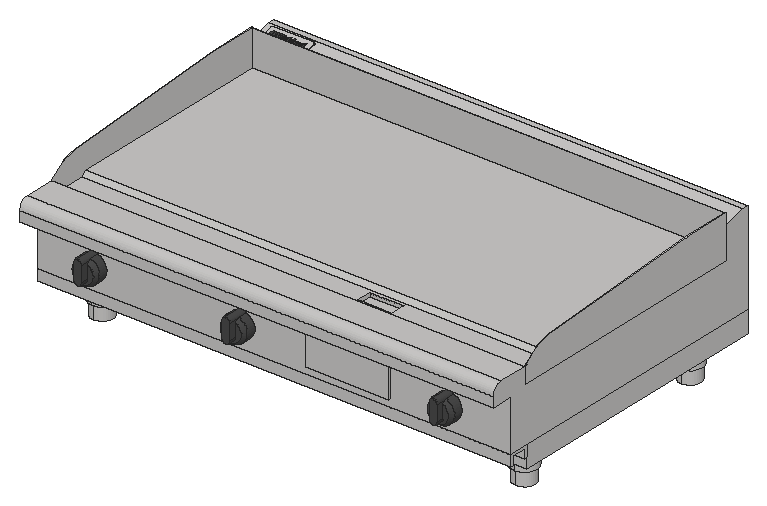
Revit family "QF_MOFFAT WALDORF_GPL8120E-B", category Specialty Equipment, Revit 2012
Parameters
  Width [instance] = 1200.0 mm  # constant formula
  Weight in Pounds = 295.4191  # constant formula
  Watts = 16200 W
  Volts = 415 V
  URL Cutsheet = "www.moffat.com"
  URL = "www.moffat.com"
  Type Mark [instance] = ""
  Status [instance] = ""
  Specification by User [instance] = ""
  Specification by Manufacturer = ""
  Show Logo [instance] = yes
  Serial Number = ""
  Seismic Rating = ""
  SMACNA No = ""
  Revision Code [instance] = ""
  Phase = 3
  Omniclass Number and Title = ""
  Number of Poles = 1
  NAFEM Spec ID Number = ""
  Model = "GPL8120E-B"
  Min Ckt Ampacity = 0 A
  Max Overcurrent Protection = 0 A
  Masterspec = ""
  Manufacturer = "MOFFAT WALDORF"
  Item Number [instance] = ""
  Installed By [instance] = ""
  Identify Quantity as Lot [instance] = yes
  Height [instance] = 370.0 mm  # constant formula
  HP = ""
  Furnished By [instance] = ""
  Foodservice Equipment Identifier [instance] = yes
  FL Amps = 22.5 A
  Elec Conn RI Height = 0.0 mm
  Elec Conn Connection Height = 0.0 mm
  Description = "GRIDDLE PLATE LOW SPLASHBACK ELECTRIC ON BENCH MOUNT"
  Depth [instance] = 805.0 mm  # constant formula
  Cycle = 50 Hz
  Conn Plug = ""
  Conn Conduit = yes
  CSI MasterFormat = ""
  CSI Master Format = ""
  Base Height [instance] = 80.0 mm
  Apparent Power [instance] = if(Phase = 3, Volts * FL Amps * 1.73, Volts * FL Amps)  # 16153.9 VA
Reference planes
  plane 1 "BACK": y = 0
  plane 2: z = 0
  plane 3 "LEFT": x = 0
  plane 4 "RIGHT": x = 1200
  plane 5 "FRONT": y = -805
  plane 6 "TOP": z = 370
  plane 7 "Center Y": x = 600
  plane 8 "Center X": y = -402.5
  plane 9 "Base Height": z = 80
  plane 10: x = 65
  plane 11: x = 1134
  plane 12: x = 1070
  plane 13: z = 110
  plane 14: y = -32
Forms (mm)
  Extrusion 1, solid, material "QF_Finishes_Stainless Steel"
    sketch origin (0, 0, 0) x (0, 1, 0) y (0, 0, 1)
      loop
        line (-805, 291) -> (-805, 266) -> (-749, 266) -> (-749, 135) -> (0, 135) -> (0, 370) -> (-16.309, 370) -> (-62.586, 357.6)
        arc (-62.586, 357.6) -> (-68.508, 353.278) -> (-70, 346.1) r 10.198
        line (-70, 346.1) -> (-70, 275) -> (-705, 275) -> (-705, 315) -> (-781, 315)
        arc (-781, 315) -> (-797.971, 307.971) -> (-805, 291) r 24
      loop
        line (0, 80) -> (0, 134.206) -> (-699, 134.206) -> (-699, 80) -> (0, 80)
      loop
        line (-749, 134.206) -> (-749, 107.019) -> (-742.6, 107.019) -> (-742.6, 127.806) -> (-706.4, 127.806) -> (-706.4, 107.019) -> (-700, 107.019) -> (-700, 134.206) -> (-749, 134.206)
    from 0 to 1200
  Revolve 2, solid, material "QF_Finishes_Stainless Steel"
    sketch origin (1134, -210, 0) x (0, 1, 0) y (0, 0, -1)
      loop
        line (78.25, -80) -> (110, -80) -> (110, 0) -> (82.5, 0) -> (82.5, -35) -> (78.25, -35) -> (78.25, -80)
      axis (110, -80) -> (110, 0)
    angle from 0 to 360
  Revolve 3, solid, material "QF_Finishes_Stainless Steel"
    sketch origin (65, -210, 0) x (0, 1, 0) y (0, 0, 1)
      loop
        line (78.25, 80) -> (78.25, 35) -> (82.5, 35) -> (82.5, 0) -> (110, 0) -> (110, 80) -> (78.25, 80)
      axis (110, 80) -> (110, 0)
    angle from 0 to 360
  Revolve 4, solid, material "QF_Finishes_Black"
    sketch origin (150, 0, -0.127) x (0, 1, 0) y (0, 0, -1)
      loop
        line (-782, -229.5) -> (-759, -229.5) -> (-759, -202) -> (-749, -202) -> (-749, -197) -> (-793, -197) -> (-793, -223.651) -> (-782, -229.5)
      axis (-793, -197) -> (-749, -197)
    angle from 0 to 360
  Extrusion 5, solid, material "QF_Finishes_Black"
    sketch origin (288.27, 0, 0.031) x (-1, 0, 0) y (0, 0, -1)
      loop
        arc (148.269, -184.969) -> (138.269, -174.969) -> (128.269, -184.969) r 10
        line (128.269, -184.969) -> (128.269, -223.969)
        arc (128.269, -223.969) -> (138.269, -233.969) -> (148.269, -223.969) r 10
        line (148.269, -223.969) -> (148.269, -184.969)
    from 759 to 808
  Revolve 6, solid, material "QF_Finishes_Stainless Steel"
    sketch origin (1134, -735, 0) x (0, 1, 0) y (0, 0, -1)
      loop
        line (78.25, -80) -> (110, -80) -> (110, 0) -> (82.5, 0) -> (82.5, -35) -> (78.25, -35) -> (78.25, -80)
      axis (110, -80) -> (110, 0)
    angle from 0 to 360
  Revolve 7, solid, material "QF_Finishes_Stainless Steel"
    sketch origin (65, -735, 0) x (0, 1, 0) y (0, 0, 1)
      loop
        line (78.25, 80) -> (78.25, 35) -> (82.5, 35) -> (82.5, 0) -> (110, 0) -> (110, 80) -> (78.25, 80)
      axis (110, 80) -> (110, 0)
    angle from 0 to 360
  Extrusion 8, solid, material "QF_Finishes_Stainless Steel"
    sketch origin (42.8, -749, 266) x (0, 0, -1) y (1, 0, 0)
      loop
        line (26.5, 640) -> (113.5, 640) -> (113.5, 850) -> (26.5, 850) -> (26.5, 640)
    from 0 to 2.5
  Extrusion 9, solid, material "QF_Finishes_Stainless Steel"
    sketch origin (42.8, -751.5, 266) x (0, 0, -1) y (1, 0, 0)
      loop
        line (33.5, 850) -> (26.5, 850) -> (26.5, 640) -> (33.5, 640) -> (33.5, 850)
    from 0 to 5
  Revolve 10, solid, material "QF_Finishes_Black"
    sketch origin (1050, 0, -0.127) x (0, 1, 0) y (0, 0, 1)
      loop
        line (-782, 229.5) -> (-793, 223.651) -> (-793, 197) -> (-749, 197) -> (-749, 202) -> (-759, 202) -> (-759, 229.5) -> (-782, 229.5)
      axis (-793, 197) -> (-749, 197)
    angle from 0 to 360
  Extrusion 11, solid, material "QF_Finishes_Black"
    sketch origin (911.73, 0, 0.031) x (1, 0, 0) y (0, 0, 1)
      loop
        line (148.269, 184.969) -> (148.269, 223.969)
        arc (148.269, 223.969) -> (138.269, 233.969) -> (128.269, 223.969) r 10
        line (128.269, 223.969) -> (128.269, 184.969)
        arc (128.269, 184.969) -> (138.269, 174.969) -> (148.269, 184.969) r 10
    from 759 to 808
  Revolve 12, solid, material "QF_Finishes_Black"
    sketch origin (525, 0, -0.127) x (0, 1, 0) y (0, 0, -1)
      loop
        line (-782, -229.5) -> (-759, -229.5) -> (-759, -202) -> (-749, -202) -> (-749, -197) -> (-793, -197) -> (-793, -223.651) -> (-782, -229.5)
      axis (-793, -197) -> (-749, -197)
    angle from 0 to 360
  Extrusion 13, solid, material "QF_Finishes_Black"
    sketch origin (663.27, 0, 0.031) x (-1, 0, 0) y (0, 0, -1)
      loop
        arc (148.269, -184.969) -> (138.269, -174.969) -> (128.269, -184.969) r 10
        line (128.269, -184.969) -> (128.269, -223.969)
        arc (128.269, -223.969) -> (138.269, -233.969) -> (148.269, -223.969) r 10
        line (148.269, -223.969) -> (148.269, -184.969)
    from 759 to 808
  Extrusion 14, void
    sketch origin (0, 0, 80) x (-1, 0, 0) y (0, 1, 0)
      loop
        circle (-1070, -32) r 10
    from 2 to -30
Cuts and joins
  joined: Revolve 4, Extrusion 5
  joined: Extrusion 8, Extrusion 9
  Extrusion 14 cuts Extrusion 1
Lines and regions (mm)
  Split face 1
    outline origin (1200, -16.309, 370) x (-1, 0, 0) y (0, -0.965926, -0.258819)
      loop
        line (1045.267, 4.667) -> (1045.267, 34.667) -> (1025.267, 34.667) -> (1025.267, 4.667) -> (1045.267, 4.667)
  Split face 2
    outline origin (1200, -16.309, 370) x (-1, 0, 0) y (0, -0.965926, -0.258819)
      loop
        line (995.628, 4.667) -> (995.628, 35.914) -> (975.628, 35.914) -> (975.628, 4.667) -> (995.628, 4.667)
  Split face 3
    outline origin (1200, -16.309, 370) x (-1, 0, 0) y (0, -0.965926, -0.258819)
      loop
        line (945.299, 4.667) -> (945.299, 35.914) -> (925.428, 35.914) -> (925.428, 4.667) -> (945.299, 4.667)
  Split face 4
    outline origin (1200, -16.309, 370) x (-1, 0, 0) y (0, -0.965926, -0.258819)
      loop
        line (895.8, 4.667) -> (895.8, 35.914) -> (875.679, 35.914) -> (875.679, 4.667) -> (895.8, 4.667)
  Split face 5
    outline origin (1200, -16.309, 370) x (-1, 0, 0) y (0, -0.965926, -0.258819)
      loop
        line (845.339, 4.667) -> (845.339, 35.914) -> (825.57, 35.914) -> (825.57, 4.667) -> (845.339, 4.667)
  Split face 6
    outline origin (1200, -16.309, 370) x (-1, 0, 0) y (0, -0.965926, -0.258819)
      loop
        line (795.333, 4.667) -> (795.333, 35.914) -> (775.46, 35.914) -> (775.46, 4.667) -> (795.333, 4.667)
  Split face 7
    outline origin (1200, -16.309, 370) x (-1, 0, 0) y (0, -0.965926, -0.258819)
      loop
        line (743.216, 4.667) -> (743.216, 35.914) -> (722.688, 35.914) -> (722.688, 4.667) -> (743.216, 4.667)
  Split face 8
    outline origin (1200, -16.309, 370) x (-1, 0, 0) y (0, -0.965926, -0.258819)
      loop
        line (693.182, 4.667) -> (693.182, 35.914) -> (672.713, 35.914) -> (672.713, 4.667) -> (693.182, 4.667)
  Split face 9
    outline origin (1200, -16.309, 370) x (-1, 0, 0) y (0, -0.965926, -0.258819)
      loop
        line (642.408, 4.667) -> (642.408, 35.914) -> (622.874, 35.914) -> (622.874, 4.667) -> (642.408, 4.667)
  Split face 10
    outline origin (1200, -16.309, 370) x (-1, 0, 0) y (0, -0.965926, -0.258819)
      loop
        line (592.802, 4.667) -> (592.802, 35.914) -> (573.034, 35.914) -> (573.034, 4.667) -> (592.802, 4.667)
  Split face 11
    outline origin (1200, -16.309, 370) x (-1, 0, 0) y (0, -0.965926, -0.258819)
      loop
        line (543.674, 4.667) -> (543.674, 35.914) -> (522.214, 35.914) -> (522.214, 4.667) -> (543.674, 4.667)
  Split face 12
    outline origin (1200, -16.309, 370) x (-1, 0, 0) y (0, -0.965926, -0.258819)
      loop
        line (493.285, 4.667) -> (493.285, 35.914) -> (473.587, 35.914) -> (473.587, 4.667) -> (493.285, 4.667)
  Split face 13
    outline origin (1200, -16.309, 370) x (-1, 0, 0) y (0, -0.965926, -0.258819)
      loop
        line (443.05, 4.667) -> (443.05, 35.914) -> (423.006, 35.914) -> (423.006, 4.667) -> (443.05, 4.667)
  Split face 14
    outline origin (1200, -16.309, 370) x (-1, 0, 0) y (0, -0.965926, -0.258819)
      loop
        line (392.76, 4.667) -> (392.76, 35.914) -> (372.716, 35.914) -> (372.716, 4.667) -> (392.76, 4.667)
  Split face 15
    outline origin (1200, -16.309, 370) x (-1, 0, 0) y (0, -0.965926, -0.258819)
      loop
        line (342.305, 4.667) -> (342.305, 35.914) -> (322.606, 35.914) -> (322.606, 4.667) -> (342.305, 4.667)
  symbolic lines, visible <- "Show Logo"
    curve 1: line (12.5, -54.194, 0) -> (12.5, -21.099, 0)
    curve 2: line (121.5, -21.099, 0) -> (121.5, -54.194, 0)
    curve 3: line (12.5, -21.099, 0) -> (121.5, -21.099, 0)
    curve 4: line (12.5, -54.194, 0) -> (121.5, -54.194, 0)
  symbolic lines
    curve 5: line (154.563, -50.782, 0) -> (154.563, -20.984, 0)
    curve 6: line (154.563, -20.984, 0) -> (174.562, -20.984, 0)
    curve 7: line (174.562, -20.984, 0) -> (174.562, -50.782, 0)
    curve 8: line (174.562, -50.782, 0) -> (154.563, -50.782, 0)
    curve 9: line (204.563, -20.984, 0) -> (204.563, -50.782, 0)
    curve 10: line (204.563, -50.782, 0) -> (224.562, -50.782, 0)
    curve 11: line (224.562, -50.782, 0) -> (224.562, -20.984, 0)
    curve 12: line (224.562, -20.984, 0) -> (204.563, -20.984, 0)
    curve 13: line (254.563, -20.984, 0) -> (254.563, -50.782, 0)
    curve 14: line (254.563, -50.782, 0) -> (274.562, -50.782, 0)
    curve 15: line (274.562, -50.782, 0) -> (274.562, -20.984, 0)
    curve 16: line (274.562, -20.984, 0) -> (254.563, -20.984, 0)
    curve 17: line (0, -805, 0) -> (1200, -805, 0)
    curve 18: line (0, 0, 0) -> (0, -805, 0)
    curve 19: line (1200, 0, 0) -> (0, 0, 0)
    curve 20: line (0, -70, 0) -> (1200, -70, 0)
    curve 21: line (1200, -705, 0) -> (0, -705, 0)
    curve 22: line (304.563, -20.984, 0) -> (304.563, -50.782, 0)
    curve 23: line (304.563, -50.782, 0) -> (324.562, -50.782, 0)
    curve 24: line (324.562, -50.782, 0) -> (324.562, -20.984, 0)
    curve 25: line (324.562, -20.984, 0) -> (304.563, -20.984, 0)
    curve 26: line (354.563, -20.984, 0) -> (354.563, -50.782, 0)
    curve 27: line (354.563, -50.782, 0) -> (374.562, -50.782, 0)
    curve 28: line (374.562, -50.782, 0) -> (374.562, -20.984, 0)
    curve 29: line (374.562, -20.984, 0) -> (354.563, -20.984, 0)
    curve 30: line (404.563, -20.984, 0) -> (404.563, -50.782, 0)
    curve 31: line (404.563, -50.782, 0) -> (424.562, -50.782, 0)
    curve 32: line (424.562, -50.782, 0) -> (424.562, -20.984, 0)
    curve 33: line (424.562, -20.984, 0) -> (404.563, -20.984, 0)
    curve 34: line (457.063, -20.984, 0) -> (457.063, -50.782, 0)
    curve 35: line (457.063, -50.782, 0) -> (477.063, -50.782, 0)
    curve 36: line (477.063, -50.782, 0) -> (477.063, -20.984, 0)
    curve 37: line (477.063, -20.984, 0) -> (457.063, -20.984, 0)
    curve 38: line (507.063, -20.984, 0) -> (507.063, -50.782, 0)
    curve 39: line (507.063, -50.782, 0) -> (527.063, -50.782, 0)
    curve 40: line (527.063, -50.782, 0) -> (527.063, -20.984, 0)
    curve 41: line (527.063, -20.984, 0) -> (507.063, -20.984, 0)
    curve 42: line (557.063, -50.782, 0) -> (577.063, -50.782, 0)
    curve 43: line (577.063, -50.782, 0) -> (577.063, -20.984, 0)
    curve 44: line (577.063, -20.984, 0) -> (557.063, -20.984, 0)
    curve 45: line (557.063, -20.984, 0) -> (557.063, -50.782, 0)
    curve 46: line (607.063, -50.782, 0) -> (627.063, -50.782, 0)
    curve 47: line (627.063, -50.782, 0) -> (627.063, -20.984, 0)
    curve 48: line (627.063, -20.984, 0) -> (607.063, -20.984, 0)
    curve 49: line (607.063, -20.984, 0) -> (607.063, -50.782, 0)
    curve 50: line (677.063, -50.782, 0) -> (657.063, -50.782, 0)
    curve 51: line (657.063, -50.782, 0) -> (657.063, -20.984, 0)
    curve 52: line (657.063, -20.984, 0) -> (677.063, -20.984, 0)
    curve 53: line (677.063, -20.984, 0) -> (677.063, -50.782, 0)
    curve 54: line (707.063, -50.782, 0) -> (727.063, -50.782, 0)
    curve 55: line (727.063, -50.782, 0) -> (727.063, -20.984, 0)
    curve 56: line (727.063, -20.984, 0) -> (707.063, -20.984, 0)
    curve 57: line (707.063, -20.984, 0) -> (707.063, -50.782, 0)
    curve 58: line (757.063, -50.782, 0) -> (777.063, -50.782, 0)
    curve 59: line (777.063, -50.782, 0) -> (777.063, -20.984, 0)
    curve 60: line (777.063, -20.984, 0) -> (757.063, -20.984, 0)
    curve 61: line (757.063, -20.984, 0) -> (757.063, -50.782, 0)
    curve 62: line (807.81, -50.782, 0) -> (827.81, -50.782, 0)
    curve 63: line (827.81, -50.782, 0) -> (827.81, -20.984, 0)
    curve 64: line (827.81, -20.984, 0) -> (807.81, -20.984, 0)
    curve 65: line (807.81, -20.984, 0) -> (807.81, -50.782, 0)
    curve 66: line (857.81, -50.782, 0) -> (877.81, -50.782, 0)
    curve 67: line (877.81, -50.782, 0) -> (877.81, -20.984, 0)
    curve 68: line (877.81, -20.984, 0) -> (857.81, -20.984, 0)
    curve 69: line (857.81, -20.984, 0) -> (857.81, -50.782, 0)
    curve 70: line (1200, -805, 0) -> (1200, 0, 0)
Dimensions and locks
  equal spacing: plane 3 "LEFT", plane 7 "Center Y", plane 4 "RIGHT"
  "Width": plane 3 "LEFT" to plane 4 "RIGHT"
  equal spacing: plane 5 "FRONT", plane 8 "Center X", plane 1 "BACK"
  "Depth": plane 5 "FRONT" to plane 1 "BACK"
  "Base Height": plane 9 "Base Height" to level
  locked: plane 6 "TOP" to plane 9 "Base Height" at 290
  plane 11 to plane 10 = 1069.0 mm
  plane 6 "TOP" to level = 370.0 mm
  plane 12 to plane 4 "RIGHT" = 130.0 mm
  plane 13 to level = 110.0 mm
  plane 14 to plane 1 "BACK" = 32.0 mm
  aligned and locked: level to plane 2
  aligned and locked: Revolve 3 sketch curve to plane 9 "Base Height"
Automatic sketch dimensions
  curve 17 to plane 3 "LEFT" = 0.0 mm
  plane 1 "BACK" to curve 19 = 0.0 mm
  curve 19 to plane 4 "RIGHT" = 0.0 mm
  plane 5 "FRONT" to curve 17 = 0.0 mm
  plane 3 "LEFT" to curve 1 = 12.5 mm
  plane 10 to curve 4 = 56.5 mm
  curve 2 to curve 6 = 33.062 mm
  curve 5 to curve 8 = 20.0 mm
  curve 6 to curve 12 = 30.0 mm
  curve 9 to curve 10 = 20.0 mm
  curve 11 to curve 16 = 30.0 mm
  curve 13 to curve 15 = 20.0 mm
  curve 15 to curve 22 = 30.0 mm
  curve 22 to curve 24 = 20.0 mm
  curve 23 to curve 26 = 30.0 mm
  curve 26 to curve 27 = 20.0 mm
  curve 27 to curve 30 = 30.0 mm
  curve 30 to curve 32 = 20.0 mm
  curve 31 to curve 34 = 32.5 mm
  curve 34 to curve 35 = 20.0 mm
  curve 36 to curve 38 = 30.0 mm
  curve 38 to curve 41 = 20.0 mm
  curve 39 to curve 42 = 30.0 mm
  curve 44 to curve 43 = 20.0 mm
  plane 7 "Center Y" to curve 48 = 7.063 mm
  curve 46 to curve 46 = 20.0 mm
  curve 47 to curve 52 = 30.0 mm
  curve 51 to curve 53 = 20.0 mm
  curve 50 to curve 54 = 30.0 mm
  curve 56 to curve 56 = 20.0 mm
  curve 55 to curve 61 = 30.0 mm
  curve 58 to curve 58 = 20.0 mm
  curve 58 to curve 62 = 30.748 mm
  curve 62 to curve 62 = 20.0 mm
  curve 63 to curve 68 = 30.0 mm
  curve 66 to curve 66 = 20.0 mm
  curve 21 to plane 5 "FRONT" = 100.0 mm
  curve 20 to curve 19 = 70.0 mm
  plane 1 "BACK" to curve 2 = 54.194 mm
  plane 1 "BACK" to curve 7 = 50.782 mm
  plane 1 "BACK" to curve 59 = 50.782 mm
  curve 7 to curve 9 = 0.0 mm
  curve 57 to curve 58 = 0.0 mm
  curve 10 to curve 13 = 0.0 mm
  curve 53 to curve 54 = 0.0 mm
  curve 58 to curve 62 = 0.0 mm
  curve 62 to curve 66 = 0.0 mm
  curve 49 to curve 50 = 0.0 mm
  curve 14 to curve 22 = 0.0 mm
  curve 45 to curve 46 = 0.0 mm
  curve 23 to curve 26 = 0.0 mm
  curve 40 to curve 42 = 0.0 mm
  curve 27 to curve 30 = 0.0 mm
  curve 36 to curve 38 = 0.0 mm
  plane 1 "BACK" to curve 2 = 21.099 mm
  plane 1 "BACK" to curve 33 = 20.984 mm
  plane 1 "BACK" to curve 40 = 20.984 mm
  plane 1 "BACK" to curve 29 = 20.984 mm
  plane 1 "BACK" to curve 43 = 20.984 mm
  plane 1 "BACK" to curve 25 = 20.984 mm
  plane 1 "BACK" to curve 47 = 20.984 mm
  plane 1 "BACK" to curve 69 = 20.984 mm
  plane 1 "BACK" to curve 52 = 20.984 mm
  plane 1 "BACK" to curve 16 = 20.984 mm
  plane 1 "BACK" to curve 55 = 20.984 mm
  plane 1 "BACK" to curve 12 = 20.984 mm
  plane 1 "BACK" to curve 59 = 20.984 mm
  plane 1 "BACK" to curve 7 = 20.984 mm
  plane 1 "BACK" to curve 63 = 20.984 mm
  plane 1 "BACK" to curve 37 = 20.984 mm
  Revolve 2 sketch curve to plane 9 "Base Height" = 0.0 mm
  Revolve 2 sketch curve to level = 0.0 mm
  level to Revolve 2 sketch curve = 35.0 mm
  plane 1 "BACK" to Revolve 2 sketch curve = 131.75 mm
  Revolve 2 sketch curve to Revolve 2 sketch curve = 4.25 mm
  Revolve 2 sketch curve to Revolve 2 sketch curve = 27.5 mm
  Revolve 2 sketch curve to Revolve 2 sketch curve = 0.0 mm
  Revolve 2 sketch curve to Revolve 2 sketch curve = 30.0 mm
  Revolve 2 sketch curve to Revolve 2 sketch curve = 55.0 mm
  Revolve 3 sketch curve to level = 0.0 mm
  level to Revolve 3 sketch curve = 35.0 mm
  plane 1 "BACK" to Revolve 3 sketch curve = 131.75 mm
  Revolve 3 sketch curve to Revolve 3 sketch curve = 4.25 mm
  Revolve 3 sketch curve to Revolve 3 sketch curve = 27.5 mm
  Revolve 3 sketch curve to Revolve 3 sketch curve = 0.0 mm
  Revolve 3 sketch curve to Revolve 3 sketch curve = 55.0 mm
  Revolve 3 sketch curve to Revolve 3 sketch curve = 30.0 mm
  Revolve 4 sketch curve to plane 5 "FRONT" = 12.0 mm
  Revolve 4 sketch curve to Revolve 4 sketch curve = 0.0 mm  (x2)
  Revolve 4 sketch curve to Revolve 4 sketch curve = 11.0 mm
  Revolve 4 sketch curve to Revolve 4 sketch curve = 12.7 mm
  Revolve 4 sketch curve to Revolve 4 sketch curve = 23.0 mm
  Revolve 4 sketch curve to Revolve 4 sketch curve = 10.0 mm
  plane 9 "Base Height" to Revolve 4 sketch curve = 149.373 mm
  Revolve 4 sketch curve to Revolve 4 sketch curve = 5.849 mm
  Revolve 4 sketch curve to Revolve 4 sketch curve = 27.5 mm
  Revolve 4 sketch curve to Revolve 4 sketch curve = 5.0 mm
  plane 10 to Extrusion 5 sketch curve = 95.001 mm
  Extrusion 5 sketch curve to Extrusion 5 sketch curve = 10.0 mm
  plane 9 "Base Height" to Extrusion 5 sketch curve = 144.0 mm
  Extrusion 5 sketch curve to Extrusion 5 sketch curve = 39.0 mm
  Revolve 6 sketch curve to plane 9 "Base Height" = 0.0 mm
  Revolve 6 sketch curve to level = 0.0 mm
  level to Revolve 6 sketch curve = 35.0 mm
  Revolve 6 sketch curve to plane 5 "FRONT" = 148.25 mm
  Revolve 6 sketch curve to Revolve 6 sketch curve = 4.25 mm
  Revolve 6 sketch curve to Revolve 6 sketch curve = 27.5 mm
  Revolve 6 sketch curve to Revolve 6 sketch curve = 0.0 mm
  Revolve 6 sketch curve to Revolve 6 sketch curve = 30.0 mm
  Revolve 6 sketch curve to Revolve 6 sketch curve = 55.0 mm
  Revolve 7 sketch curve to plane 9 "Base Height" = 0.0 mm
  Revolve 7 sketch curve to level = 0.0 mm
  level to Revolve 7 sketch curve = 35.0 mm
  Revolve 7 sketch curve to plane 5 "FRONT" = 148.25 mm
  Revolve 7 sketch curve to Revolve 7 sketch curve = 4.25 mm
  Revolve 7 sketch curve to Revolve 7 sketch curve = 27.5 mm
  Revolve 7 sketch curve to Revolve 7 sketch curve = 0.0 mm
  Revolve 7 sketch curve to Revolve 7 sketch curve = 55.0 mm
  Revolve 7 sketch curve to Revolve 7 sketch curve = 30.0 mm
  Extrusion 1 to Extrusion 8 sketch curve = 26.5 mm
  Extrusion 8 sketch curve to Extrusion 1 = 17.5 mm
  Extrusion 1 to Extrusion 8 sketch curve = 517.2 mm
  Extrusion 8 sketch curve to Extrusion 8 sketch curve = 210.0 mm
  Extrusion 9 sketch curve to Extrusion 8 = 0.0 mm  (x2)
  Extrusion 8 to Extrusion 9 sketch curve = 0.0 mm
  Extrusion 9 sketch curve to Extrusion 8 = 7.0 mm
  Revolve 10 sketch curve to plane 5 "FRONT" = 12.0 mm
  Revolve 10 sketch curve to Revolve 10 sketch curve = 0.0 mm  (x2)
  Revolve 10 sketch curve to Revolve 10 sketch curve = 11.0 mm
  Revolve 10 sketch curve to Revolve 10 sketch curve = 12.7 mm
  Revolve 10 sketch curve to Revolve 10 sketch curve = 23.0 mm
  Revolve 10 sketch curve to Revolve 10 sketch curve = 10.0 mm
  plane 9 "Base Height" to Revolve 10 sketch curve = 116.873 mm
  Revolve 10 sketch curve to Revolve 10 sketch curve = 5.0 mm
  Revolve 10 sketch curve to Revolve 10 sketch curve = 26.651 mm
  Revolve 10 sketch curve to Revolve 10 sketch curve = 5.849 mm
  plane 11 to Extrusion 11 sketch curve = 94.001 mm
  Extrusion 11 sketch curve to Extrusion 11 sketch curve = 10.0 mm
  plane 9 "Base Height" to Extrusion 11 sketch curve = 105.0 mm
  Extrusion 11 sketch curve to Extrusion 11 sketch curve = 39.0 mm
  Revolve 12 sketch curve to plane 5 "FRONT" = 12.0 mm
  Revolve 12 sketch curve to Revolve 12 sketch curve = 0.0 mm  (x2)
  Revolve 12 sketch curve to Revolve 12 sketch curve = 11.0 mm
  Revolve 12 sketch curve to Revolve 12 sketch curve = 12.7 mm
  Revolve 12 sketch curve to Revolve 12 sketch curve = 23.0 mm
  Revolve 12 sketch curve to Revolve 12 sketch curve = 10.0 mm
  plane 9 "Base Height" to Revolve 12 sketch curve = 149.373 mm
  Revolve 12 sketch curve to Revolve 12 sketch curve = 5.849 mm
  Revolve 12 sketch curve to Revolve 12 sketch curve = 27.5 mm
  Revolve 12 sketch curve to Revolve 12 sketch curve = 5.0 mm
  Extrusion 13 sketch curve to plane 7 "Center Y" = 64.999 mm
  Extrusion 13 sketch curve to Extrusion 13 sketch curve = 10.0 mm
  plane 9 "Base Height" to Extrusion 13 sketch curve = 144.0 mm
  Extrusion 13 sketch curve to Extrusion 13 sketch curve = 39.0 mm
  Extrusion 1 to Extrusion 14 sketch curve = 32.0 mm
  Extrusion 14 sketch curve to Extrusion 1 = 130.0 mm
  Extrusion 1 sketch curve to plane 5 "FRONT" = 0.0 mm
  Extrusion 1 sketch curve to plane 9 "Base Height" = 0.0 mm
  Extrusion 1 sketch curve to plane 1 "BACK" = 0.0 mm  (x2)
  Extrusion 1 sketch curve to plane 5 "FRONT" = 24.0 mm
  plane 13 to Extrusion 1 sketch curve = 25.0 mm
  Extrusion 1 sketch curve to plane 5 "FRONT" = 56.0 mm
  Extrusion 1 sketch curve to Extrusion 1 sketch curve = 0.0 mm  (x2)
  Extrusion 1 sketch curve to Extrusion 1 sketch curve = 6.4 mm  (x3)
  plane 13 to Extrusion 1 sketch curve = 17.806 mm
  Extrusion 1 sketch curve to Extrusion 1 sketch curve = 36.2 mm
  Extrusion 1 sketch curve to Extrusion 1 sketch curve = 44.0 mm
  Extrusion 1 sketch curve to Extrusion 1 sketch curve = 1.0 mm
  Extrusion 1 sketch curve to plane 14 = 38.0 mm
  Extrusion 1 sketch curve to Extrusion 1 sketch curve = 7.414 mm
  Extrusion 1 sketch curve to Extrusion 1 sketch curve = 10.063 mm
  plane 1 "BACK" to Extrusion 1 sketch curve = 16.309 mm
  Extrusion 1 sketch curve to plane 13 = 2.981 mm  (x2)
  Extrusion 1 sketch curve to plane 6 "TOP" = 104.0 mm
  Extrusion 1 sketch curve to Extrusion 1 sketch curve = 82.6 mm
  Extrusion 1 sketch curve to Extrusion 1 sketch curve = 25.0 mm
  Extrusion 1 sketch curve to Extrusion 1 sketch curve = 11.5 mm
  Extrusion 1 sketch curve to plane 6 "TOP" = 0.0 mm
  Extrusion 1 sketch curve to Extrusion 1 sketch curve = 40.0 mm
  cut or joined group of Extrusion 1, Extrusion 14 to Split face 1 sketch curve = 4.667 mm
  Split face 1 sketch curve to cut or joined group of Extrusion 1, Extrusion 14 = 174.733 mm
  Split face 1 sketch curve to Split face 1 sketch curve = 20.0 mm
  cut or joined group of Extrusion 1, Extrusion 14 to Split face 1 sketch curve = 13.243 mm
  cut or joined group of Extrusion 1, Extrusion 14 to Split face 2 sketch curve = 4.667 mm
  Split face 2 sketch curve to cut or joined group of Extrusion 1, Extrusion 14 = 224.372 mm
  Split face 2 sketch curve to Split face 2 sketch curve = 20.0 mm
  cut or joined group of Extrusion 1, Extrusion 14 to Split face 2 sketch curve = 11.996 mm
  cut or joined group of Extrusion 1, Extrusion 14 to Split face 3 sketch curve = 4.667 mm
  Split face 3 sketch curve to cut or joined group of Extrusion 1, Extrusion 14 = 274.572 mm
  Split face 3 sketch curve to Split face 3 sketch curve = 19.871 mm
  cut or joined group of Extrusion 1, Extrusion 14 to Split face 3 sketch curve = 11.996 mm
  cut or joined group of Extrusion 1, Extrusion 14 to Split face 4 sketch curve = 4.667 mm
  Split face 4 sketch curve to cut or joined group of Extrusion 1, Extrusion 14 = 324.321 mm
  Split face 4 sketch curve to Split face 4 sketch curve = 20.121 mm
  cut or joined group of Extrusion 1, Extrusion 14 to Split face 4 sketch curve = 11.996 mm
  cut or joined group of Extrusion 1, Extrusion 14 to Split face 5 sketch curve = 4.667 mm
  Split face 5 sketch curve to cut or joined group of Extrusion 1, Extrusion 14 = 374.43 mm
  Split face 5 sketch curve to Split face 5 sketch curve = 19.769 mm
  cut or joined group of Extrusion 1, Extrusion 14 to Split face 5 sketch curve = 11.996 mm
  cut or joined group of Extrusion 1, Extrusion 14 to Split face 6 sketch curve = 4.667 mm
  Split face 6 sketch curve to cut or joined group of Extrusion 1, Extrusion 14 = 424.54 mm
  Split face 6 sketch curve to Split face 6 sketch curve = 19.874 mm
  cut or joined group of Extrusion 1, Extrusion 14 to Split face 6 sketch curve = 11.996 mm
  cut or joined group of Extrusion 1, Extrusion 14 to Split face 7 sketch curve = 4.667 mm
  Split face 7 sketch curve to cut or joined group of Extrusion 1, Extrusion 14 = 477.312 mm
  Split face 7 sketch curve to Split face 7 sketch curve = 20.527 mm
  cut or joined group of Extrusion 1, Extrusion 14 to Split face 7 sketch curve = 11.996 mm
  cut or joined group of Extrusion 1, Extrusion 14 to Split face 8 sketch curve = 4.667 mm
  Split face 8 sketch curve to cut or joined group of Extrusion 1, Extrusion 14 = 527.287 mm
  Split face 8 sketch curve to Split face 8 sketch curve = 20.469 mm
  cut or joined group of Extrusion 1, Extrusion 14 to Split face 8 sketch curve = 11.996 mm
  cut or joined group of Extrusion 1, Extrusion 14 to Split face 9 sketch curve = 4.667 mm
  Split face 9 sketch curve to cut or joined group of Extrusion 1, Extrusion 14 = 577.126 mm
  Split face 9 sketch curve to Split face 9 sketch curve = 19.533 mm
  cut or joined group of Extrusion 1, Extrusion 14 to Split face 9 sketch curve = 11.996 mm
  cut or joined group of Extrusion 1, Extrusion 14 to Split face 10 sketch curve = 4.667 mm
  Split face 10 sketch curve to cut or joined group of Extrusion 1, Extrusion 14 = 573.034 mm
  Split face 10 sketch curve to Split face 10 sketch curve = 19.769 mm
  cut or joined group of Extrusion 1, Extrusion 14 to Split face 10 sketch curve = 11.996 mm
  cut or joined group of Extrusion 1, Extrusion 14 to Split face 11 sketch curve = 4.667 mm
  Split face 11 sketch curve to cut or joined group of Extrusion 1, Extrusion 14 = 522.214 mm
  Split face 11 sketch curve to Split face 11 sketch curve = 21.461 mm
  cut or joined group of Extrusion 1, Extrusion 14 to Split face 11 sketch curve = 11.996 mm
  cut or joined group of Extrusion 1, Extrusion 14 to Split face 12 sketch curve = 4.667 mm
  Split face 12 sketch curve to cut or joined group of Extrusion 1, Extrusion 14 = 473.587 mm
  Split face 12 sketch curve to Split face 12 sketch curve = 19.698 mm
  cut or joined group of Extrusion 1, Extrusion 14 to Split face 12 sketch curve = 11.996 mm
  cut or joined group of Extrusion 1, Extrusion 14 to Split face 13 sketch curve = 4.667 mm
  Split face 13 sketch curve to cut or joined group of Extrusion 1, Extrusion 14 = 423.006 mm
  Split face 13 sketch curve to Split face 13 sketch curve = 20.044 mm
  cut or joined group of Extrusion 1, Extrusion 14 to Split face 13 sketch curve = 11.996 mm
  cut or joined group of Extrusion 1, Extrusion 14 to Split face 14 sketch curve = 4.667 mm
  Split face 14 sketch curve to cut or joined group of Extrusion 1, Extrusion 14 = 372.716 mm
  Split face 14 sketch curve to Split face 14 sketch curve = 20.044 mm
  cut or joined group of Extrusion 1, Extrusion 14 to Split face 14 sketch curve = 11.996 mm
  cut or joined group of Extrusion 1, Extrusion 14 to Split face 15 sketch curve = 4.667 mm
  Split face 15 sketch curve to cut or joined group of Extrusion 1, Extrusion 14 = 322.606 mm
  Split face 15 sketch curve to Split face 15 sketch curve = 19.698 mm
  cut or joined group of Extrusion 1, Extrusion 14 to Split face 15 sketch curve = 11.996 mm
  radius of Extrusion 14 sketch curve = 10.0 mm
Nested families
  nested 1: "GAS GRIDDLE PLATE" at (0, -70, 274.5), type "GAS GRIDDLE PLATE"
    with Type Mark "", Status "", Specification by User "", Show Clearance yes, Revision Code "", Item Number "", Installed By "", Identify Quantity as Lot yes, Furnished By "", Foodservice Equipment Identifier yes
  nested 2: "WALDORF LOGO_FACE BASE" at (12.5, -21.697, 368.556) x (1, 0, 0) z (0, -0.2588, 0.9659), visible <- "Show Logo", type "WALDORF LOGO_FACE BASE", detail levels medium+fine
    with Show Logo yes
Connectors
  electrical at (1070, -32, 110), driven by "Volts", driven by "Watts"
    settings: on cut or joined group of Extrusion 1, Extrusion 14, index 1, voltage 415 V, apparent load 16200 VA, apparent load phase1 0 VA, apparent load phase2 0 VA, apparent load phase3 0 VA, power factor 1, load classification "Other", number of poles 1, system type 30, power factor state 1, is connector primary yes, connector utility no, sub classification motor no, connector description "ELECTRICAL CONNECTION"
Definition of nested family "GAS GRIDDLE PLATE"
  Parameters (values of type "GAS GRIDDLE PLATE")
    Weight in Pounds = 0
    URL Cutsheet = ""
    Type Mark [instance] = ""
    Status [instance] = ""
    Specification by User [instance] = ""
    Specification by Manufacturer = ""
    Show Clearance [instance] = yes
    Serial Number = ""
    Seismic Rating = ""
    SMACNA No = ""
    Revision Code [instance] = ""
    Omniclass Number and Title = ""
    NAFEM Spec ID Number = ""
    Masterspec = ""
    Item Number [instance] = ""
    Installed By [instance] = ""
    Identify Quantity as Lot [instance] = yes
    Furnished By [instance] = ""
    Foodservice Equipment Identifier [instance] = yes
    CSI MasterFormat = ""
    CSI Master Format = ""
  Reference planes
    plane 1 "BACK": y = 0
    plane 2: z = 0
    plane 3 "LEFT": x = 0
    plane 4 "RIGHT": x = 1200
    plane 5 "FRONT": y = -634.4
    plane 6 "TOP": z = 142.5
    plane 7 "Center Y": x = 600
    plane 8 "Center X": y = -317.2
  Forms (mm)
    Extrusion 1, solid, material "QF_Finishes_Stainless Steel"
      sketch origin (0, 70.003, -874.5) x (0, 1, 0) y (0, 0, 1)
        loop
          line (-70, 875) -> (-70, 984.5) -> (-191.003, 984.5) -> (-626.368, 954.056)
          arc (-626.368, 954.056) -> (-652.773, 948.564) -> (-676.75, 936.215) r 100
          line (-676.75, 936.215) -> (-704.403, 916.852) -> (-704.403, 875) -> (-70, 875)
      from 0 to 1.8
    Extrusion 2, solid, material "QF_Finishes_Stainless Steel"
      sketch origin (150, 70.003, -874.5) x (0, 1, 0) y (0, 0, 1)
        loop
          line (-70, 895) -> (-601, 895) -> (-611.5, 884.5) -> (-704.403, 884.5) -> (-704.403, 875) -> (-70, 875) -> (-70, 895)
      from -148.2 to 1048.2
    Extrusion 3, void
      sketch origin (81.15, -541.497, 10) x (0, -1, 0) y (1, 0, 0)
        loop
          line (10, 745.25) -> (10, 658.55) -> (48.5, 658.55) -> (48.5, 745.25) -> (10, 745.25)
      from -41.4 to 40.142
    Extrusion 4, solid, material "QF_Finishes_Stainless Steel"
      sketch origin (150, 0.003, 211.574) x (0, 0, -1) y (1, 0, 0)
        loop
          line (101.574, -148.2) -> (191.074, -148.2) -> (191.074, 1048.2) -> (101.574, 1048.2) -> (101.574, -148.2)
      from 0 to 1.683
    Extrusion 5, solid, material "QF_Finishes_Stainless Steel"
      sketch origin (1200, 70.003, -874.5) x (0, 1, 0) y (0, 0, -1)
        loop
          line (-70, -875) -> (-704.403, -875) -> (-704.403, -916.852) -> (-676.75, -936.215)
          arc (-676.75, -936.215) -> (-652.773, -948.564) -> (-626.368, -954.056) r 100
          line (-626.368, -954.056) -> (-191.003, -984.5) -> (-70, -984.5) -> (-70, -875)
      from 0 to 1.8
  Cuts and joins
    Extrusion 3 cuts Extrusion 2
  Lines and regions (mm)
    symbolic lines
      curve 1: line (1198.8, -530.997, 0) -> (1.8, -530.997, 0)
      curve 2: line (1.8, -541.497, 0) -> (1198.8, -541.497, 0)
      curve 3: line (739.7, -551.497, 0) -> (739.7, -589.997, 0)
      curve 4: line (739.7, -589.997, 0) -> (826.4, -589.997, 0)
      curve 5: line (826.4, -589.997, 0) -> (826.4, -551.497, 0)
      curve 6: line (826.4, -551.497, 0) -> (739.7, -551.497, 0)
      curve 7: line (1.8, -1.68, 0) -> (1198.8, -1.68, 0)
      curve 8: line (1198.8, -1.68, 0) -> (1198.8, -634.4, 0)
      curve 9: line (1.8, -634.4, 0) -> (1.8, -1.68, 0)
      curve 10: line (1.8, -634.4, 0) -> (1198.8, -634.4, 0)
  Dimensions and locks
    equal spacing: plane 3 "LEFT", plane 7 "Center Y", plane 4 "RIGHT"
    plane 3 "LEFT" to plane 4 "RIGHT" = 1200.0 mm
    equal spacing: plane 5 "FRONT", plane 8 "Center X", plane 1 "BACK"
    plane 5 "FRONT" to plane 1 "BACK" = 634.4 mm
    aligned and locked: level to plane 2
  Automatic sketch dimensions
    plane 5 "FRONT" to curve 10 = 0.0 mm
    plane 3 "LEFT" to curve 10 = 1.8 mm
    curve 4 to plane 5 "FRONT" = 44.403 mm
    plane 4 "RIGHT" to curve 8 = 1.2 mm
    curve 3 to curve 3 = 38.5 mm
    curve 2 to plane 5 "FRONT" = 92.903 mm
    curve 2 to curve 1 = 10.5 mm
    plane 1 "BACK" to curve 9 = 1.68 mm
    Extrusion 1 sketch curve to plane 5 "FRONT" = 0.0 mm
    Extrusion 1 sketch curve to plane 5 "FRONT" = 27.653 mm
    Extrusion 1 sketch curve to Extrusion 1 sketch curve = 50.382 mm
    Extrusion 1 sketch curve to level = 20.2 mm
    Extrusion 1 sketch curve to plane 5 "FRONT" = 85.011 mm
    Extrusion 1 sketch curve to plane 6 "TOP" = 32.5 mm
    plane 1 "BACK" to Extrusion 1 sketch curve = 121.0 mm
    Extrusion 1 sketch curve to plane 1 "BACK" = 0.003 mm
    level to Extrusion 1 sketch curve = 0.5 mm
    Extrusion 1 sketch curve to Extrusion 1 sketch curve = 41.852 mm
    Extrusion 1 sketch curve to Extrusion 1 sketch curve = 19.363 mm
    Extrusion 2 sketch curve to plane 5 "FRONT" = 0.0 mm
    level to Extrusion 2 sketch curve = 10.0 mm
    Extrusion 2 sketch curve to Extrusion 2 sketch curve = 92.903 mm
    Extrusion 2 sketch curve to Extrusion 2 sketch curve = 10.5 mm  (x2)
    Extrusion 2 sketch curve to plane 1 "BACK" = 0.003 mm
    level to Extrusion 2 sketch curve = 0.5 mm
    Extrusion 2 to Extrusion 3 sketch curve = 10.0 mm
    Extrusion 3 sketch curve to Extrusion 3 sketch curve = 38.5 mm
    Extrusion 2 to Extrusion 3 sketch curve = 737.9 mm
    Extrusion 3 sketch curve to Extrusion 3 sketch curve = 86.7 mm
    Extrusion 4 sketch curve to plane 6 "TOP" = 32.5 mm
    level to Extrusion 4 sketch curve = 20.5 mm
    plane 3 "LEFT" to Extrusion 4 sketch curve = 1.8 mm
    plane 4 "RIGHT" to Extrusion 4 sketch curve = 1.8 mm
    Extrusion 5 sketch curve to plane 5 "FRONT" = 0.0 mm
    Extrusion 5 sketch curve to plane 5 "FRONT" = 27.653 mm
    Extrusion 5 sketch curve to Extrusion 5 sketch curve = 50.382 mm
    Extrusion 5 sketch curve to level = 20.2 mm
    Extrusion 5 sketch curve to plane 5 "FRONT" = 85.011 mm
    Extrusion 5 sketch curve to plane 6 "TOP" = 32.5 mm
    plane 1 "BACK" to Extrusion 5 sketch curve = 121.0 mm
    Extrusion 5 sketch curve to plane 1 "BACK" = 0.003 mm
    Extrusion 5 sketch curve to plane 6 "TOP" = 62.944 mm
    Extrusion 5 sketch curve to Extrusion 5 sketch curve = 19.363 mm
    level to Extrusion 5 sketch curve = 0.5 mm
    curve 3 to curve 5 = 86.7 mm
    plane 7 "Center Y" to curve 4 = 139.7 mm
Definition of nested family "WALDORF LOGO_FACE BASE"
  Parameters (values of type "WALDORF LOGO_FACE BASE")
    Show Logo [instance] = yes
    Default Elevation = 1219.2 mm
  Reference planes
    plane 1 "Center (Front/Back)": y = 0
    plane 2: z = 0
    plane 3 "Center (Left/Right)": x = 0
  Forms (mm)
    Extrusion 1, solid
      sketch origin (0, 0, 0) x (1, 0, 0) y (0, 1, 0)
        loop
          line (-1219.2, 1219.2) -> (-1219.2, -1219.2) -> (1219.2, -1219.2) -> (1219.2, 1219.2) -> (-1219.2, 1219.2)
      from 0 to -304.8
    Extrusion 2, solid, material "QF_Finishes_Stainless Steel", visible <- "Show Logo"
      sketch origin (0, -33.217, 0) x (1, 0, 0) y (0, 1, 0)
        loop
          arc (5, 34.14) -> (1.464, 32.676) -> (0, 29.14) r 5
          line (0, 29.14) -> (0, 5)
          arc (0, 5) -> (1.464, 1.464) -> (5, 0) r 5
          line (5, 0) -> (104, 0)
          arc (104, 0) -> (107.536, 1.464) -> (109, 5) r 5
          line (109, 5) -> (109, 29.14)
          arc (109, 29.14) -> (107.536, 32.676) -> (104, 34.14) r 5
          line (104, 34.14) -> (5, 34.14)
      from 0 to 1.588
    Extrusion 3, solid, material "QF_Finishes_Black", visible <- "Show Logo"
      sketch origin (0, -33.217, 1.588) x (1, 0, 0) y (0, 1, 0)
        loop
          line (24.772, 23.214) -> (27.992, 10.301) -> (31.551, 10.301) -> (33.443, 17.364) -> (35.205, 10.301) -> (39.332, 10.301) -> (42.077, 23.214) -> (38.352, 23.214) -> (36.676, 15.33) -> (35, 23.214) -> (31.752, 23.214) -> (30.076, 15.33) -> (28.4, 23.214) -> (24.772, 23.214)
        loop
          line (42.272, 17.055) -> (45.703, 17.055)
          spline (45.703, 17.055) -> (45.741, 17.285) -> (45.852, 17.499) -> (46.028, 17.682) -> (46.258, 17.823) -> (46.526, 17.912) -> (46.813, 17.942) -> (47.1, 17.912) -> (47.368, 17.823) -> (47.597, 17.682) -> (47.774, 17.499) -> (47.884, 17.285) -> (47.922, 17.055)
          line (47.922, 17.055) -> (47.922, 16.222)
          arc (47.922, 16.222) -> (45.742, 16.014) -> (43.665, 15.317) r 9.604
          arc (43.665, 15.317) -> (41.924, 12.809) -> (43.665, 10.301) r 2.677
          arc (43.665, 10.301) -> (45.527, 10.353) -> (47.332, 10.816) r 8.365
          line (47.332, 10.816) -> (48.092, 11.105) -> (48.092, 10.301) -> (51.817, 10.301) -> (51.817, 17.055)
          spline (51.817, 17.055) -> (51.654, 17.821) -> (51.178, 18.535) -> (50.419, 19.148) -> (49.431, 19.619) -> (48.28, 19.914) -> (47.044, 20.015) -> (45.809, 19.914) -> (44.658, 19.619) -> (43.67, 19.148) -> (42.911, 18.535) -> (42.434, 17.821) -> (42.272, 17.055)
        loop
          line (53.151, 23.214) -> (53.151, 10.301) -> (57.37, 10.301) -> (57.37, 23.214) -> (53.151, 23.214)
        loop
          line (64.874, 23.214) -> (64.874, 18.857)
          arc (64.874, 18.857) -> (58.083, 15.11) -> (64.874, 11.363) r 4.429
          line (64.874, 11.363) -> (64.874, 10.301) -> (68.378, 10.301) -> (68.378, 23.214) -> (64.874, 23.214)
        loop
          arc (64.874, 16.083) -> (61.41, 14.987) -> (64.874, 13.891) r 1.905
          line (64.874, 13.891) -> (64.874, 16.083)
        loop
          circle (74.623, 15.223) r 5
        loop
          spline (74.623, 17.856) -> (74.355, 17.766) -> (74.105, 17.503) -> (73.891, 17.084) -> (73.726, 16.539) -> (73.623, 15.904) -> (73.588, 15.223) -> (73.623, 14.541) -> (73.726, 13.906) -> (73.891, 13.361) -> (74.105, 12.942) -> (74.355, 12.679) -> (74.623, 12.59)
          spline (74.623, 12.59) -> (74.891, 12.679) -> (75.141, 12.942) -> (75.355, 13.361) -> (75.52, 13.906) -> (75.623, 14.541) -> (75.659, 15.223) -> (75.623, 15.904) -> (75.52, 16.539) -> (75.355, 17.084) -> (75.141, 17.503) -> (74.891, 17.766) -> (74.623, 17.856)
        loop
          line (81.255, 19.813) -> (81.255, 10.301) -> (84.834, 10.301) -> (84.834, 14.176)
          arc (84.834, 14.176) -> (85.854, 16.093) -> (88.013, 16.32) r 2.313
          line (88.013, 16.32) -> (88.013, 19.813) -> (87.161, 19.813)
          arc (87.161, 19.813) -> (85.526, 19.266) -> (84.549, 17.844) r 2.717
          line (84.549, 17.844) -> (84.549, 19.813) -> (81.255, 19.813)
        loop
          line (90.249, 19.813) -> (88.91, 19.813) -> (88.91, 17.614) -> (90.249, 17.614) -> (90.249, 10.301) -> (93.998, 10.301) -> (93.998, 17.614) -> (95.418, 17.614) -> (95.418, 19.813) -> (93.998, 19.813)
          arc (93.998, 19.813) -> (94.414, 20.817) -> (95.418, 21.233) r 1.42
          line (95.418, 21.233) -> (95.418, 23.602) -> (93.317, 23.602)
          arc (93.317, 23.602) -> (91.343, 22.903) -> (90.249, 21.118) r 3.137
          line (90.249, 21.118) -> (90.249, 19.813)
        loop
          arc (15.241, 23.571) -> (8.392, 16.525) -> (15.241, 9.479) r 7.049
          line (15.241, 9.479) -> (15.241, 23.571)
        loop
          line (15.641, 23.571) -> (15.641, 9.479)
          arc (15.641, 9.479) -> (22.49, 16.525) -> (15.641, 23.571) r 7.049
        loop
          arc (47.922, 14.711) -> (46.266, 13.749) -> (47.922, 12.787) r 1.107
          line (47.922, 12.787) -> (47.922, 14.711)
      from 0 to 0.2
  Dimensions and locks
    aligned and locked: plane 2 to Extrusion 1
    aligned and locked: level to Extrusion 1
